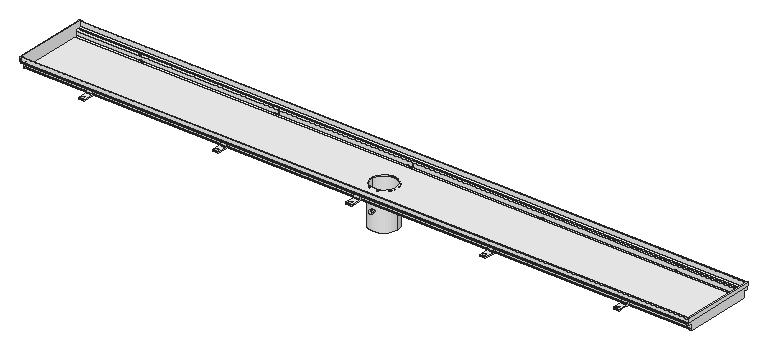
Revit family "P6560-THTD", category Plumbing Fixtures, host Face, Revit 2018
Family settings
  Host = Face
  Round Connector Dimension = Use Diameter
  Part Type = Normal
  Cut with Voids When Loaded = No
  Shared = No
  Room Calculation Point = No
Parameters (values of type "P6560-THTD-108")
  URL = "WWW.MIFAB.COM"
  Radius = (Diameter / 2)  # 0' - 2"
  Number of clamps = ((Length - 0' 0") / Clamp Space)  # 5
  Model = "P6560-THTD-108"
  Material = Paint - Sherwin Williams Paint - #952C2A - Bellwood Red
  Manufacturer = "MIFAB"
  Length = 9' - 0"
  First Clamp Space = (Length - ((Number of clamps - 0.5) * Clamp Space))  # 0' - 10 203/256"
  Diameter = 0' - 4"
  Description = "12\" WIDE, 10\" INTERNAL WIDTH, STAINLESS STEEL ELEVATOR TRENCH DRAIN"
  Default Elevation = 4' - 0"
  Clamp Space = 1' - 9 77/128"
Types (7): name | Number of clamps | Model | Length | First Clamp Space | Description | Clamp Space
  (no name) | 5 | "P6560-THTD-108" | 9' - 0" | 0' - 10 203/256" | "12\" WIDE, 10\" INTERNAL WIDTH, STAINLESS STEEL ELEVATOR TRENCH DRAIN" | 1' - 9 77/128"
  P6560-THTD-36 | 3 | "P6560-THTD-36" | 3' - 0" | 0' - 6" | "12\" WIDE, STAINLESS STEEL\r\nTHRESHOLD DRAIN" | 1' - 0"
  P6560-THTD-48 | 3 | "P6560-THTD-48" | 4' - 0" | 0' - 8" | "12\" WIDE, 10\" INTERNAL WIDTH, STAINLESS STEEL ELEVATOR TRENCH DRAIN" | 1' - 4"
  P6560-THTD-108 | 5 | "P6560-THTD-108" | 9' - 0" | 0' - 10 203/256" | "12\" WIDE, 10\" INTERNAL WIDTH, STAINLESS STEEL ELEVATOR TRENCH DRAIN" | 1' - 9 77/128"
  P6560-THTD-60 | 4 | "P6560-THTD-60" | 5' - 0" | 0' - 7 1/2" | "12\" WIDE, 10\" INTERNAL WIDTH, STAINLESS STEEL ELEVATOR TRENCH DRAIN" | 1' - 3"
  P6560-THTD-72 | 4 | "P6560-THTD-72" | 6' - 0" | 0' - 9" | "12\" WIDE, 10\" INTERNAL WIDTH, STAINLESS STEEL ELEVATOR TRENCH DRAIN" | 1' - 6"
  P6560-THTD-96 | 5 | "P6560-THTD-96" | 8' - 0" | 0' - 9.60352" | "12\" WIDE, 10\" INTERNAL WIDTH, STAINLESS STEEL ELEVATOR TRENCH DRAIN" | 1' - 7 51/256"
Reference planes (in)
  plane 1 "Center (Front/Back)": y = 0
  plane 2: z = 0
  plane 3 "Center (Left/Right)": x = -28.5
  plane 4: x = 79.5
  plane 5: x = 79.42341
  plane 6: z = -8
  plane 7: x = -28.44141
  plane 8: z = -1.02734
  plane 9: z = -2
  plane 10: x = 79.44141
  plane 11: x = 79.38281
  plane 12: x = -28.38281
  plane 13: x = 23.5
  plane 14: x = 27.5
  plane 15: y = 6
  plane 16: y = -6
  plane 17: y = 5.25
  plane 18: y = -5.25
  plane 19: x = -17.70703
  plane 20: x = 25.5
  plane 21: y = -2
  plane 22: y = -2.68523
Forms (in)
  Extrusion 1, solid, material "Paint - Sherwin Williams Paint - #952C2A - Bellwood Red" <- "Material"
    sketch origin (-28.5, 0, 0) x (0, 1, 0) y (0, 0, 1)
      loop
        arc (5.1902, -1.77619) -> (5.14216, -1.89216) -> (5.02619, -1.9402) r 0.16401
        line (5.02619, -1.9402) -> (-5.02614, -1.9402)
        arc (-5.02614, -1.9402) -> (-5.14215, -1.89215) -> (-5.1902, -1.77614) r 0.16406
        line (-5.1902, -1.77614) -> (-5.1902, -1.09254)
        arc (-5.1902, -1.09254) -> (-5.22681, -1.00416) -> (-5.3152, -0.96754) r 0.125
        line (-5.3152, -0.96754) -> (-5.71553, -0.96754)
        arc (-5.71553, -0.96754) -> (-5.83211, -0.91925) -> (-5.8804, -0.80267) r 0.16487
        line (-5.8804, -0.80267) -> (-5.8804, -0.0598)
        arc (-5.8804, -0.0598) -> (-5.9402, 0) -> (-6, -0.0598) r 0.0598
        line (-6, -0.0598) -> (-6, -0.55859) -> (-5.9402, -0.55859) -> (-5.9402, -0.80774)
        arc (-5.9402, -0.80774) -> (-5.87588, -0.96302) -> (-5.7206, -1.02734) r 0.2196
        line (-5.7206, -1.02734) -> (-5.3144, -1.02734)
        arc (-5.3144, -1.02734) -> (-5.26886, -1.04621) -> (-5.25, -1.09175) r 0.0644
        line (-5.25, -1.09175) -> (-5.25, -1.7804)
        arc (-5.25, -1.7804) -> (-5.18568, -1.93568) -> (-5.0304, -2) r 0.2196
        line (-5.0304, -2) -> (5.0304, -2)
        arc (5.0304, -2) -> (5.18568, -1.93568) -> (5.25, -1.7804) r 0.2196
        line (5.25, -1.7804) -> (5.25, -1.08984)
        arc (5.25, -1.08984) -> (5.26831, -1.04565) -> (5.3125, -1.02734) r 0.0625
        line (5.3125, -1.02734) -> (5.7206, -1.02734)
        arc (5.7206, -1.02734) -> (5.87588, -0.96302) -> (5.9402, -0.80774) r 0.2196
        line (5.9402, -0.80774) -> (5.9402, -0.55859) -> (6, -0.55859) -> (6, -0.0598)
        arc (6, -0.0598) -> (5.9402, 0) -> (5.8804, -0.0598) r 0.0598
        line (5.8804, -0.0598) -> (5.8804, -0.80348)
        arc (5.8804, -0.80348) -> (5.83235, -0.91949) -> (5.71634, -0.96754) r 0.16406
        line (5.71634, -0.96754) -> (5.3152, -0.96754)
        arc (5.3152, -0.96754) -> (5.22681, -1.00416) -> (5.1902, -1.09254) r 0.125
        line (5.1902, -1.09254) -> (5.1902, -1.77619)
    from 0.11719 to 107.94141
  Extrusion 2, void
    sketch origin (0, 0, 0) x (1, 0, 0) y (0, 1, 0)
      loop
        line (-28.5, 6) -> (-28.5, -6) -> (79.5, -6) -> (79.5, 6) -> (-28.5, 6)
    from -8 to 0
  Extrusion 3, solid, material "Paint - Sherwin Williams Paint - #952C2A - Bellwood Red" <- "Material"
    sketch origin (19.5, 0, 0) x (0, 1, 0) y (0, 0, -1)
      loop
        arc (5.9402, 0.80774) -> (5.87588, 0.96302) -> (5.7206, 1.02734) r 0.2196
        line (5.7206, 1.02734) -> (5.3125, 1.02734)
        arc (5.3125, 1.02734) -> (5.26831, 1.04565) -> (5.25, 1.08984) r 0.0625
        line (5.25, 1.08984) -> (5.25, 1.7804)
        arc (5.25, 1.7804) -> (5.18568, 1.93568) -> (5.0304, 2) r 0.2196
        line (5.0304, 2) -> (-5.0304, 2)
        arc (-5.0304, 2) -> (-5.18568, 1.93568) -> (-5.25, 1.7804) r 0.2196
        line (-5.25, 1.7804) -> (-5.25, 1.09175)
        arc (-5.25, 1.09175) -> (-5.26886, 1.04621) -> (-5.3144, 1.02734) r 0.0644
        line (-5.3144, 1.02734) -> (-5.7206, 1.02734)
        arc (-5.7206, 1.02734) -> (-5.87588, 0.96302) -> (-5.9402, 0.80774) r 0.2196
        line (-5.9402, 0.80774) -> (-5.9402, 0.55859) -> (5.9402, 0.55859) -> (5.9402, 0.80774)
    from 47.88281 to 47.94141
  Sweep 4, solid, material "Paint - Sherwin Williams Paint - #952C2A - Bellwood Red" <- "Material"
    path origin (0, 0, 0) x (1, 0, 0) y (0, 1, 0)
      loop
        line (-28.44141, 6) -> (-28.44141, -6)
    profile origin (-28.44141, 0, 0) x (1, 0, 0) y (0, 0, 1)
      loop
        line (-0.05859, -0.05859) -> (-0.05859, -0.55859) -> (0.05859, -0.55859) -> (0.05859, -0.05859)
        arc (0.05859, -0.05859) -> (0, 0) -> (-0.05859, -0.05859) r 0.05859
  Extrusion 5, solid, material "Paint - Sherwin Williams Paint - #952C2A - Bellwood Red" <- "Material"
    sketch origin (-28.5, 0, 0) x (0, 1, 0) y (0, 0, 1)
      loop
        line (5.9402, -0.80774) -> (5.9402, -0.55859) -> (-5.9402, -0.55859) -> (-5.9402, -0.80774)
        arc (-5.9402, -0.80774) -> (-5.87588, -0.96302) -> (-5.7206, -1.02734) r 0.2196
        line (-5.7206, -1.02734) -> (-5.3144, -1.02734)
        arc (-5.3144, -1.02734) -> (-5.26886, -1.04621) -> (-5.25, -1.09175) r 0.0644
        line (-5.25, -1.09175) -> (-5.25, -1.7804)
        arc (-5.25, -1.7804) -> (-5.18568, -1.93568) -> (-5.0304, -2) r 0.2196
        line (-5.0304, -2) -> (5.0304, -2)
        arc (5.0304, -2) -> (5.18568, -1.93568) -> (5.25, -1.7804) r 0.2196
        line (5.25, -1.7804) -> (5.25, -1.08984)
        arc (5.25, -1.08984) -> (5.26831, -1.04565) -> (5.3125, -1.02734) r 0.0625
        line (5.3125, -1.02734) -> (5.7206, -1.02734)
        arc (5.7206, -1.02734) -> (5.87588, -0.96302) -> (5.9402, -0.80774) r 0.2196
    from 107.94141 to 107.88281
  Sweep 6, solid, material "Paint - Sherwin Williams Paint - #952C2A - Bellwood Red" <- "Material"
    path origin (-9, 0, 0) x (-1, 0, 0) y (0, 1, 0)
      loop
        line (-88.44141, 6) -> (-88.44141, -6)
    profile origin (79.44141, 0, 0) x (1, 0, 0) y (0, 0, 1)
      loop
        arc (0.05859, -0.05859) -> (0, 0) -> (-0.05859, -0.05859) r 0.05859
        line (-0.05859, -0.05859) -> (-0.05859, -0.55859) -> (0.05859, -0.55859) -> (0.05859, -0.05859)
  Revolve 7, solid, material "Paint - Sherwin Williams Paint - #952C2A - Bellwood Red" <- "Material"
    sketch origin (-4.5, 0, 0) x (1, 0, 0) y (0, 0, 1)
      loop
        line (28, -8) -> (28, -2) -> (27.8125, -2) -> (27.8125, -8) -> (28, -8)
      axis (30, -2) -> (30, -8)
    angle from 0 to 360
  Extrusion 8, void
    sketch origin (0, 0, 0) x (1, 0, 0) y (0, 1, 0)
      loop
        circle (25.5, 0) r 2
    from -2.4375 to -1.82253
  Sweep 9, solid, material "Paint - Sherwin Williams Paint - #952C2A - Bellwood Red" <- "Material", not visible
    path origin (0, 0, 0) x (1, 0, 0) y (0, 1, 0)
      loop
        line (79.38281, 0) -> (-28.38281, 0)
    profile origin (25.5, 0, 0) x (0, -1, 0) y (0, 0, 1)
      loop
        arc (-5.71634, 0) -> (-5.83235, -0.04805) -> (-5.8804, -0.16406) r 0.16406
        line (-5.8804, -0.16406) -> (-5.8804, -0.80333)
        arc (-5.8804, -0.80333) -> (-5.8323, -0.91945) -> (-5.71619, -0.96754) r 0.16421
        line (-5.71619, -0.96754) -> (-5.18143, -0.96754) -> (-5.18143, -0.84645) -> (-5.71619, -0.84645)
        arc (-5.71619, -0.84645) -> (-5.74668, -0.83382) -> (-5.75931, -0.80333) r 0.04312
        line (-5.75931, -0.80333) -> (-5.75931, -0.16406)
        arc (-5.75931, -0.16406) -> (-5.74672, -0.13368) -> (-5.71634, -0.12109) r 0.04297
        line (-5.71634, -0.12109) -> (5.71557, -0.12109)
        arc (5.71557, -0.12109) -> (5.74596, -0.13368) -> (5.75854, -0.16406) r 0.04297
        line (5.75854, -0.16406) -> (5.75854, -0.80333)
        arc (5.75854, -0.80333) -> (5.74591, -0.83382) -> (5.71542, -0.84645) r 0.04312
        line (5.71542, -0.84645) -> (5.16064, -0.84645) -> (5.16064, -0.96754) -> (5.71619, -0.96754)
        arc (5.71619, -0.96754) -> (5.8323, -0.91945) -> (5.8804, -0.80333) r 0.16421
        line (5.8804, -0.80333) -> (5.8804, -0.16406)
        arc (5.8804, -0.16406) -> (5.83235, -0.04805) -> (5.71634, 0) r 0.16406
        line (5.71634, 0) -> (-5.71634, 0)
  Extrusion 10, solid, material "Paint - Sherwin Williams Paint - #952C2A - Bellwood Red" <- "Material"
    sketch origin (0, 0, 0.21875) x (1, 0, 0) y (0, 0, 1)
      loop
        circle (25.5, -5.21875) r 0.25
    from 2 to 2.68523
Cuts and joins
  Extrusion 8 cuts Extrusion 1
  joined: Extrusion 1, Extrusion 3, Sweep 4, Extrusion 5, Sweep 6, Revolve 7
Lines and regions (in)
  model lines, not visible
    curve 1: line (59.65335, -20.93764, 0) -> (59.65335, -8.19764, 0)
    curve 2: line (59.65335, -8.19764, 0) -> (68.65335, -8.19764, 0)
    curve 3: line (59.65335, -20.93764, 0) -> (68.65335, -20.93764, 0)
    curve 4: line (59.65335, -14.56764, 0) -> (62.65335, -14.56764, 0)
    curve 5: line (16.3877, -20.88914, 0) -> (16.3877, -19.13914, 0)
    curve 6: line (16.3877, -19.13914, 0) -> (18.5127, -19.13914, 0)
    curve 7: line (18.5127, -19.13914, 0) -> (18.5127, -20.88914, 0)
    curve 8: line (17.4502, -19.13914, 0) -> (17.4502, -19.63914, 0)
    curve 9: line (-28.5, 3.11725, 1.65743) -> (-28.5, 3.11725, 2.15743)
    curve 10: line (-28.5, 3.11725, 2.15743) -> (-28.5, -3.88275, 2.15743)
    curve 11: line (-28.5, -3.88275, 2.15743) -> (-28.5, -3.88275, 1.65743)
    curve 12: line (-28.5, -0.38275, 2.15743) -> (-28.5, -0.38275, 2.65743)
    curve 13: line (89.73548, 99.85913, 0) -> (89.73548, 99.04811, 0)
    curve 14: line (90.48499, 99.04811, 0) -> (89.73548, 99.04811, 0)
    curve 15: line (90.48499, 99.04811, 0) -> (90.48499, 99.79811, 0)
Dimensions and locks (in)
  "Length": plane 3 "Center (Left/Right)" to plane 4
  plane 3 "Center (Left/Right)" to plane 4 = 9' - 0"
  locked: plane 4 to plane 5 at 0.07659
  locked: plane 3 "Center (Left/Right)" to plane 7 at 0.05859
  plane 2 to plane 8 = 0' - 1 7/256"
  level to plane 9 = 0' - 2"
  locked: plane 2 to Sweep 4 sketch curve at 0.05859
  locked: plane 10 to plane 4 at 0.05859
  locked: plane 11 to plane 10 at 0.05859
  locked: plane 12 to plane 7 at 0.05859
  locked: plane 4 to Sweep 6 sketch curve at 0.05859
  locked: Revolve 7 sketch curve to Revolve 7 sketch curve at 0.1875
  plane 14 to plane 13 = 0' - 4"
  "Diameter": plane 14 to plane 13
  equal spacing: plane 15, plane 1 "Center (Front/Back)", plane 16
  plane 15 to plane 16 = 1' - 0"
  plane 15 to plane 17 = 0' - 0 3/4"
  locked: plane 18 to plane 16 at 0.75
  host face to plane 9 = 0' - 2"
  plane 9 to plane 6 = 0' - 6"
  "First Clamp Space": plane 3 "Center (Left/Right)" to plane 19
  equal spacing: group 5, group 6, group 7, group 8, group 9  (x3)
  "Clamp Space": plane 19 to nested 4
  equal spacing: plane 4, plane 20, plane 3 "Center (Left/Right)"
  equal spacing: plane 13, plane 20, plane 14
  "Radius": Revolve 7 sketch curve to Revolve 7 sketch curve
  "Radius": plane 1 "Center (Front/Back)" to plane 21
  locked: plane 21 to plane 22 at 0.68523
  aligned and locked: host face to plane 2
  aligned and locked: host face to level
  aligned and locked: Extrusion 2 sketch curve to plane 3 "Center (Left/Right)"
  aligned and locked: Extrusion 2 sketch curve to plane 4
  aligned and locked: Extrusion 2 to level
  aligned and locked: Sweep 4 sketch curve to plane 7
  aligned and locked: plane 10 to Sweep 6 sketch curve
  aligned and locked: cut or joined group of Extrusion 1, Extrusion 3, Sweep 4, Extrusion 5, Sweep 6, Revolve 7, Extrusion 8 to plane 12
  aligned and locked: Sweep 6 sketch curve to plane 4
  aligned and locked: cut or joined group of Extrusion 1, Extrusion 3, Sweep 4, Extrusion 5, Sweep 6, Revolve 7, Extrusion 8 to plane 10
  aligned and locked: plane 10 to cut or joined group of Extrusion 1, Extrusion 3, Sweep 4, Extrusion 5, Sweep 6, Revolve 7, Extrusion 8
  aligned and locked: plane 11 to cut or joined group of Extrusion 1, Extrusion 3, Sweep 4, Extrusion 5, Sweep 6, Revolve 7, Extrusion 8
  aligned and locked: Sweep 9 sketch curve to plane 1 "Center (Front/Back)"
  aligned and locked: plane 12 to Sweep 9 sketch curve
  aligned and locked: plane 11 to Sweep 9 sketch curve
  aligned and locked: Sweep 9 sketch curve to plane 2
  aligned and locked: Sweep 9 sketch curve to cut or joined group of Extrusion 1, Extrusion 3, Sweep 4, Extrusion 5, Sweep 6, Revolve 7, Extrusion 8
  aligned and locked: nested 1 to cut or joined group of Extrusion 1, Extrusion 3, Sweep 4, Extrusion 5, Sweep 6, Revolve 7, Extrusion 8  (x2)
  aligned and locked: plane 8 to nested 1
  aligned and locked: plane 15 to Sweep 6 sketch curve
  aligned and locked: plane 16 to Sweep 6 sketch curve
  aligned and locked: plane 15 to Sweep 4 sketch curve
  aligned and locked: plane 16 to Sweep 4 sketch curve
  aligned and locked: nested 1 to plane 19
  aligned and locked: plane 19 to nested 2
  aligned and locked: cut or joined group of Extrusion 1, Extrusion 3, Sweep 4, Extrusion 5, Sweep 6, Revolve 7, Extrusion 8 to Revolve 7 sketch curve
  aligned and locked: Revolve 7 sketch curve to plane 13
  aligned and locked: plane 20 to Extrusion 8 sketch curve
  aligned and locked: plane 20 to Extrusion 10 sketch curve
  aligned and locked: plane 21 to Extrusion 10
  aligned and locked: Extrusion 10 to plane 22
Automatic sketch dimensions
  curve 1 to curve 2 = 1' - 0.74"
  curve 4 to curve 4 = 0' - 3"
  curve 4 to curve 3 = 0' - 6"
  curve 4 to curve 2 = 0' - 6"
  curve 1 to curve 4 = 0' - 6.37"
  curve 5 to curve 7 = 0' - 2 1/8"
  curve 8 to curve 6 = 0' - 1 1/16"
  curve 8 to curve 6 = 0' - 0 1/2"
  curve 5 to curve 8 = 0' - 1 1/4"
  curve 7 to curve 8 = 0' - 1 1/4"
  host sketch curve to host sketch curve = 10' - 3.12622"
  host sketch curve to host sketch curve = 5' - 0.25933"
  profile plane to Sweep 4 sketch curve = 0' - 0"
  profile plane to Sweep 4 sketch curve = 0' - 0 15/256"
  Sweep 4 sketch curve to Sweep 4 sketch curve = 0' - 0 1/2"
  Sweep 6 sketch curve to level = 0' - 0 143/256"
  Sweep 6 sketch curve to level = 0' - 0 15/256"
  plane 1 "Center (Front/Back)" to Extrusion 2 sketch curve = 0' - 6"
  Extrusion 2 sketch curve to plane 1 "Center (Front/Back)" = 0' - 6"
  Extrusion 1 sketch curve to plane 16 = 0' - 0"
  Extrusion 1 sketch curve to plane 8 = 0' - 0"  (x2)
  Extrusion 1 sketch curve to plane 18 = 0' - 0"
  Extrusion 1 sketch curve to plane 9 = 0' - 0"
  Extrusion 1 sketch curve to plane 17 = 0' - 0"
  Extrusion 1 sketch curve to plane 15 = 0' - 0"
  Extrusion 1 sketch curve to Extrusion 1 sketch curve = 0' - 0.0598"  (x2)
  Extrusion 1 sketch curve to Extrusion 1 sketch curve = 0' - 0.1598"  (x2)
  Extrusion 1 sketch curve to Extrusion 1 sketch curve = 0' - 0.00507"
  Extrusion 1 sketch curve to plane 18 = 0' - 0.0652"
  Extrusion 1 sketch curve to Extrusion 1 sketch curve = 0' - 0.0008"  (x2)
  plane 18 to Extrusion 1 sketch curve = 0' - 0.0598"
  Extrusion 1 sketch curve to Extrusion 1 sketch curve = 0' - 0.00426"  (x2)
  plane 17 to Extrusion 1 sketch curve = 0' - 0.22381"
  Extrusion 1 sketch curve to Extrusion 1 sketch curve = 0' - 0.00421"
  plane 17 to Extrusion 1 sketch curve = 0' - 0.0598"
  Extrusion 1 sketch curve to plane 17 = 0' - 0 1/16"
  Extrusion 1 sketch curve to Extrusion 1 sketch curve = 0' - 0.0027"
  plane 8 to Extrusion 1 sketch curve = 0' - 0.0598"
  plane 15 to Extrusion 1 sketch curve = 0' - 0.28366"
  Extrusion 1 sketch curve to level = 0' - 0.0598"  (x2)
  Extrusion 1 sketch curve to Extrusion 1 sketch curve = 0' - 0.1196"
  plane 15 to Extrusion 1 sketch curve = 0' - 0.0598"
  plane 9 to Extrusion 1 sketch curve = 0' - 0.0598"
  Extrusion 1 sketch curve to Extrusion 1 sketch curve = 0' - 0.24915"  (x2)
  Extrusion 3 sketch curve to plane 8 = 0' - 0"  (x2)
  Extrusion 3 sketch curve to plane 9 = 0' - 0"
  plane 16 to Extrusion 3 sketch curve = 0' - 0.0598"
  plane 8 to Extrusion 3 sketch curve = 0' - 0.2196"  (x2)
  Extrusion 3 sketch curve to Extrusion 3 sketch curve = 0' - 0.4062"
  plane 9 to Extrusion 3 sketch curve = 0' - 0.2196"
  Extrusion 3 sketch curve to Extrusion 3 sketch curve = 0' - 0.0644"
  plane 15 to Extrusion 3 sketch curve = 0' - 0.9696"
  Extrusion 3 sketch curve to Extrusion 3 sketch curve = 0' - 0.2196"
  Extrusion 3 sketch curve to Extrusion 3 sketch curve = 0' - 0 1/16"
  plane 15 to Extrusion 3 sketch curve = 0' - 0.2794"
  Extrusion 3 sketch curve to Extrusion 3 sketch curve = 0' - 0.24915"
  Extrusion 5 sketch curve to plane 8 = 0' - 0"  (x2)
  Extrusion 5 sketch curve to plane 9 = 0' - 0"
  plane 16 to Extrusion 5 sketch curve = 0' - 0.0598"
  Extrusion 5 sketch curve to Extrusion 5 sketch curve = 0' - 0.2196"  (x2)
  Extrusion 5 sketch curve to Extrusion 5 sketch curve = 0' - 0.4062"
  plane 9 to Extrusion 5 sketch curve = 0' - 0.2196"
  Extrusion 5 sketch curve to Extrusion 5 sketch curve = 0' - 0.0644"
  plane 15 to Extrusion 5 sketch curve = 0' - 0.9696"
  Extrusion 5 sketch curve to Extrusion 5 sketch curve = 0' - 0 1/16"
  plane 8 to Extrusion 5 sketch curve = 0' - 0.2196"
  plane 15 to Extrusion 5 sketch curve = 0' - 0.2794"
  Extrusion 5 sketch curve to Extrusion 5 sketch curve = 0' - 0.24915"
  Sweep 9 sketch curve to Sweep 9 sketch curve = 0' - 0"  (x4)
  Sweep 9 sketch curve to level = 0' - 0 21/128"  (x2)
  profile plane to Sweep 9 sketch curve = 0' - 5.8804"
  Sweep 9 sketch curve to Sweep 9 sketch curve = 0' - 0 31/256"
  Sweep 9 sketch curve to Sweep 9 sketch curve = 0' - 0.04312"
  Sweep 9 sketch curve to Sweep 9 sketch curve = 0' - 0.53476"
  Sweep 9 sketch curve to level = 0' - 0.84645"
  Sweep 9 sketch curve to profile plane = 0' - 5.16064"
  Sweep 9 sketch curve to Sweep 9 sketch curve = 0' - 0.55478"
  Sweep 9 sketch curve to Sweep 9 sketch curve = 0' - 0.00015"
  Sweep 9 sketch curve to Sweep 9 sketch curve = 0' - 0.00076"  (x2)
  Sweep 9 sketch curve to Sweep 9 sketch curve = 0' - 0.12186"
  Sweep 9 sketch curve to Sweep 9 sketch curve = 0' - 0.80348"
  plane 1 "Center (Front/Back)" to Extrusion 8 sketch curve = 0' - 0"
  Extrusion 8 sketch curve to plane 14 = 0' - 0"
  plane 6 to Extrusion 10 sketch curve = 0' - 3"
  Revolve 7 sketch curve to plane 6 = 0' - 0"
  Revolve 7 sketch curve to Revolve 7 sketch curve = 0' - 0 3/16"
  Revolve 7 sketch curve to plane 6 = 0' - 0 15/16"
  Revolve 7 sketch curve to plane 9 = 0' - 1 1/2"
  radius of Extrusion 10 sketch curve = 0' - 0 1/4"
Nested families (in)
  nested 1: "Connection" at (-17.70703, 5.25, -1.9986) x (0, -1, 0) z (0, 0, 1), type "Connection"
  nested 2: "Connection" at (-17.70703, -5.25, -2) x (0, 1, 0) z (0, 0, 1), type "Connection"
  nested 3: "Connection" at (3.89453, 5.25, -1.9986) x (0, -1, 0) z (0, 0, 1), type "Connection"
  nested 4: "Connection" at (3.89453, -5.25, -2) x (0, 1, 0) z (0, 0, 1), type "Connection"
  nested 5: "Connection" at (25.49609, 5.25, -1.9986) x (0, -1, 0) z (0, 0, 1), type "Connection"
  nested 6: "Connection" at (25.49609, -5.25, -2) x (0, 1, 0) z (0, 0, 1), type "Connection"
  nested 7: "Connection" at (47.09766, 5.25, -1.9986) x (0, -1, 0) z (0, 0, 1), type "Connection"
  nested 8: "Connection" at (47.09766, -5.25, -2) x (0, 1, 0) z (0, 0, 1), type "Connection"
  nested 9: "Connection" at (68.69922, 5.25, -1.9986) x (0, -1, 0) z (0, 0, 1), type "Connection"
  nested 10: "Connection" at (68.69922, -5.25, -2) x (0, 1, 0) z (0, 0, 1), type "Connection"
Connectors (in)
  piping at (25.5, 0, -8), diameter 4, driven by "Diameter"
    settings: on Revolve 7, index 1, connector inside diameter 609.6 mm, connector length 0' - 0", flow factor 0, pipe flow 0.0 L/s, pressure drop 0.0 Pa, fitting loss kfactor 0, connector angle 0.00°, fixture units 0, engagement length 0' - 0", angle of deflection 0.00°, flow configuration 0, flow direction 0, fitting loss method 0, system type 7, joint type 0, gender type 0, connector reference index -1, connector utility 0, adjustable connector no, is connector primary yes, connector description ""
  piping at (25.5, -2.68523, -5), diameter 0.5
    settings: on Extrusion 10, index 2, connector inside diameter 609.6 mm, connector length 0' - 0", flow factor 0, pipe flow 0.0 L/s, pressure drop 0.0 Pa, fitting loss kfactor 0, connector angle 0.00°, fixture units 0, engagement length 0' - 0", angle of deflection 0.00°, flow configuration 0, flow direction 0, fitting loss method 0, system type 7, joint type 0, gender type 0, connector reference index -1, connector utility 0, adjustable connector no, is connector primary no, connector description ""
Definition of nested family "Connection"
  Parameters (values of type "Connection")
    Material = none
  Reference planes (in)
    plane 1 "Center (Front/Back)": y = 0
    plane 2: z = 0
    plane 3 "Center (Left/Right)": x = 0
  Forms (in)
    Extrusion 1, solid, material <- "Material"
      sketch origin (0, 0.375, 0) x (1, 0, 0) y (0, 0, 1)
        loop
          arc (0, 0.90875) -> (-0.01831, 0.95295) -> (-0.0625, 0.97125) r 0.0625
          line (-0.0625, 0.97125) -> (-0.11952, 0.97125) -> (-0.11952, 0.21946)
          arc (-0.11952, 0.21946) -> (-0.14879, 0.14879) -> (-0.21946, 0.11952) r 0.09993
          line (-0.21946, 0.11952) -> (-1.82745, 0.11952) -> (-1.82745, 0) -> (-0.23806, 0)
          arc (-0.23806, 0) -> (-0.06973, 0.06973) -> (0, 0.23806) r 0.23806
          line (0, 0.23806) -> (0, 0.90875)
      from -0.12467 to 0.87467
    Extrusion 2, void
      sketch origin (0, 0, 0) x (1, 0, 0) y (0, 1, 0)
        loop
          line (-1.82745, 0.49992) -> (-1.82745, 0.37475)
          arc (-1.82745, 0.37475) -> (-1.79086, 0.46308) -> (-1.70253, 0.49992) r 0.12492
          line (-1.70253, 0.49992) -> (-1.82745, 0.49992)
        loop
          line (-1.82745, -0.49967) -> (-1.70253, -0.49967)
          arc (-1.70253, -0.49967) -> (-1.79086, -0.46308) -> (-1.82745, -0.37475) r 0.12492
          line (-1.82745, -0.37475) -> (-1.82745, -0.49967)
        loop
          circle (-1.45269, 0) r 0.24984
      from 0 to 0.17187
  Cuts and joins
    Extrusion 2 cuts Extrusion 1
  Lines and regions (in)
    model lines, not visible
      curve 1: line (-2.74275, 1.57536, 0) -> (-2.74275, 2.51224, 0)
      curve 2: arc (-2.74275, 2.51224, 0) -> (-2.70616, 2.60057, 0) -> (-2.61783, 2.63716, 0) r 0.12492
      curve 3: line (-2.61783, 2.63716, 0) -> (-1.86833, 2.63716, 0)
      curve 4: arc (-1.86833, 2.63716, 0) -> (-1.78, 2.60057, 0) -> (-1.74341, 2.51224, 0) r 0.12492
      curve 5: line (-1.74341, 2.51224, 0) -> (-1.74341, 1.57536, 0)
      curve 6: arc (-2.24308, 2.01257, 0) -> (-1.99324, 2.2624, 0) -> (-2.24308, 2.51224, 0) r 0.24984
      curve 7: arc (-2.24308, 2.51224, 0) -> (-2.49292, 2.2624, 0) -> (-2.24308, 2.01257, 0) r 0.24984
      curve 8: line (-0.21946, 0, 0.11952) -> (-1.81131, 0, 0.11952)
      curve 9: line (-1.81131, 0, 0) -> (-0.21946, 0, 0)
      curve 10: line (-0.11952, 0, 0.9974) -> (-0.11952, 0, 0.21946)
      curve 11: line (0, 0, 0.89941) -> (0, 0, 0.21946)
      curve 12: arc (0, 0, 0.89941) -> (-0.03657, 0, 0.97669) -> (-0.11952, 0, 0.9974) r 0.09993
      curve 13: arc (-0.21946, 0, 0) -> (-0.06428, 0, 0.06428) -> (0, 0, 0.21946) r 0.21946
      curve 14: arc (-0.21946, 0, 0.11952) -> (-0.14879, 0, 0.14879) -> (-0.11952, 0, 0.21946) r 0.09993
      curve 15: line (-1.81131, 0, 0.11952) -> (-1.81131, 0, 0)
  Dimensions and locks (in)
    aligned and locked: level to plane 2
